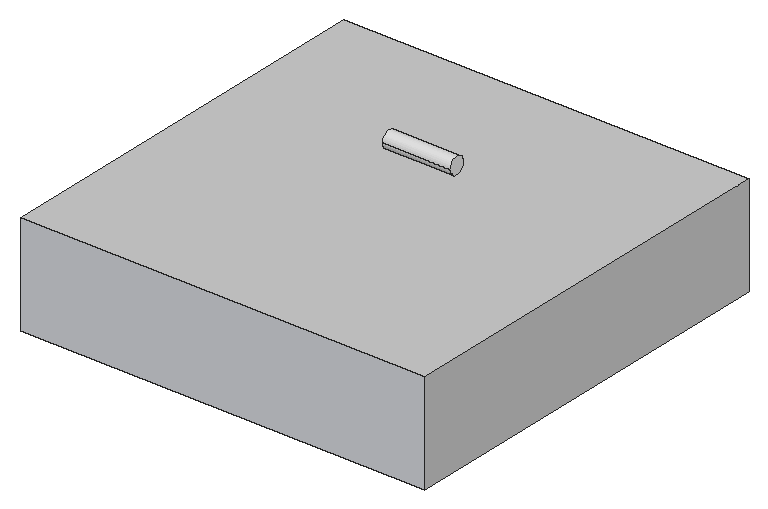
Revit family "DOMO SENSIA-L TRANSFORMADOR", category Aparatos sanitarios, Revit 2015
Parameters (values of type "79001")
  URL = "http://www.prestoiberica.com/lavabo/electronicos/presto-domo-sensia-l?c=es"
  Teléfono = "(+34) 915 782 575"
  TIPO DE AGUA = ""
  REFERENCIA = "79001"
  Presión Máxima = "8 bar"
  PESO BRUTO = "1.300 Kg"
  Modelo = "PRESTO DOMO SENSIA L"
  Material = LATON CROMADO
  Imagen de tipo = <Ninguno>
  Fabricante = "PRESTO IBÉRICA"
  Default Elevation = 1219.2 mm
  ENTRADA = "Macho 1/2\""
  Descripción = "Grifo electrónico para lavabo mezclador, fijación sobre repisa."
  Código de montaje = "C1030220"
  Contacto = "info@prestoiberica.com"
  Conexión AF = yes
  Conexión AC = yes
  Comentarios de tipo = "◦Ahorro de agua y energía\r\n◦Proceso automático de adaptación al medio\r\n◦Componentes integrados: mantenimiento sencillo y excelente estanqueidad\r\n◦Conexiones internas estancas\r\n◦Cierre automático en caso de pila agotada\r\n◦Aclarado automático cada 24h\r\n◦Suministrado con: Elementos de fijación, junta y arandela\r\n◦2 latiguillos flexibles de 350 mm, con tuercas de ½”\r\n◦2 válvulas antirretorno\r\n◦2 llaves de paso en escuadra con entrada de ½” y salida de ½”\r\n◦Batería CPR2 o alimentador 12 V según modelo\r\n◦Transformador"
  CIERRE = ""
  CAUDAL = "6 L/Min"
  Accionamiento = ""
Reference planes
  plane 1 "Centro (Frontal/Posterior)": y = 0
  plane 2: z = 0
  plane 3 "Centro (Izquierda/Derecha)": x = 0
Forms (mm)
  Extrusion 1, solid
    sketch origin (0, 0, 0) x (1, 0, 0) y (0, 1, 0)
      loop
        line (-100, 100) -> (-100, -100) -> (100, -100) -> (100, 100) -> (-100, 100)
    from 0 to -50
  Extrusion 2, solid, material "LATON CROMADO"
    sketch origin (0, 0, 0) x (0, 1, 0) y (0, 0, 1)
      loop
        circle (3.023, 24.965) r 4.027
    from 0 to 33.416
Dimensions and locks
  Extrusion 1 sketch curve to plane 1 "Centro (Frontal/Posterior)" = 100 mm
  aligned and locked: plane 2 to Extrusion 1
  aligned and locked: level to Extrusion 1
Connectors
  piping at (0, 1.736, -12.096), diameter 12.7
    settings: on import instance, index 1, connector inside diameter 609.6 mm, connector length 0 mm, flow factor 0, pipe flow 0.0 L/s, pressure drop 0.0 Pa, fitting loss kfactor 0, connector angle 0.00°, fixture units 0, engagement length 0 mm, angle of deflection 0.00°, flow configuration 0, flow direction 0, fitting loss method 0, system type 7, joint type 0, gender type 0, connector reference index -1, connector utility 0, adjustable connector no, is connector primary yes, connector description ""
